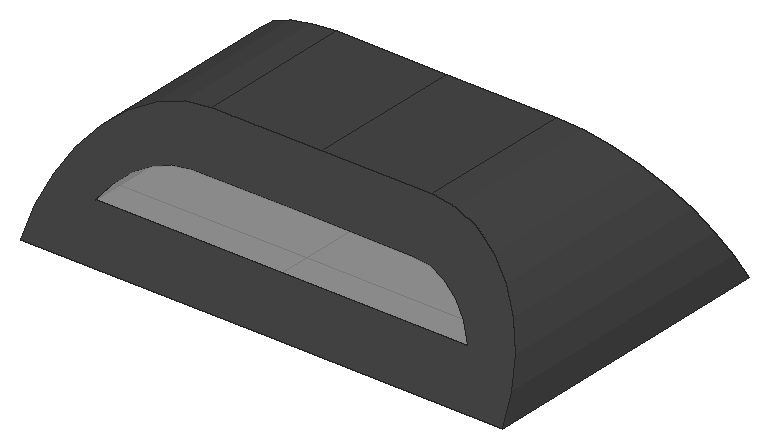
Revit family "PG", category Lighting Fixtures, host Face, Revit 2021
Family settings
  Host = Face
  Round Connector Dimension = Use Diameter
  Part Type = Normal
  OmniClass Number = 23.80.70.11
  OmniClass Title = Luminaries for Internal Lighting
  Cut with Voids When Loaded = No
  Light Source = Yes
  Shared = Yes
  Room Calculation Point = No
Parameters (values of type "PG-B")
  Wattage = 9.2903 W
  built-in parameter 1150110 = 1 (stored number, unit not read)
  Voltage = 120 V
  URL = "https://www.currentlighting.com/dual-lite"
  built-in parameter 1114217 = 1 (stored number, unit not read)
  Total Input Wattage = "2-16 W"
  Tilt Angle = 60.00°
  built-in parameter 1150109 = 1 (stored number, unit not read)
  built-in parameter 1150134 = 3
  built-in parameter 1150113 = 1 (stored number, unit not read)
  Product Page URL = ""
  Product Documentation Link = ""
  Photometric Web File = "generic"
  built-in parameter 1150142 = (empty or 0)
  Model = "PG"  # constant formula
  Manufacturer = "Dual Lighting"  # constant formula
  built-in parameter 1150105 = 109.82 (stored number, unit not read)
  Lumens = 1380 lm
  built-in parameter 1150115 = 1 (stored number, unit not read)
  built-in parameter 1150137 = (empty or 0)
  built-in parameter 1150139 = (empty or 0)
  Lens = White Glass
  built-in parameter 1150112 = 1 (stored number, unit not read)
  built-in parameter 1150114 = 1 (stored number, unit not read)
  built-in parameter 1150132 = (empty or 0)
  built-in parameter 1150102 = (empty or 0)
  built-in parameter 1150107 = 3200 (stored number, unit not read)
  built-in parameter 1150138 = (empty or 0)
  built-in parameter 1150106 = 1.0982 (stored number, unit not read)
  Finish = Black
  Emit from Line Length = 24.000"
  built-in parameter 1150104 = 13.8 (stored number, unit not read)
  Dimming Lamp Color Temperature Shift = <None>
  Description = "Wet location listed emergency lighting unit for indoor/outdoor installation featuring long-life, high-output LEDs."  # constant formula
  Default Elevation = 48.000"
  Color Filter = 16777215
  built-in parameter 1114218 = 1 (stored number, unit not read)
  built-in parameter 1150133 = 10 (stored number, unit not read)
  Apparent Load = 0 VA
Types (4): name | Tilt Angle | Photometric Web File | built-in parameter 1150142 | Finish
  PG-W | 60.00° | "generic" | (empty or 0) | White
  PG-Z | 60.00° | "generic" | (empty or 0) | Bronze
  PG-P | 0.00° | "pg_series.ies" | "IESNA:LM-63-2002\r\n[TEST]ITL59545- Absolute to LM-79-08 standards\r\n[TESTLAB]INDEPENDENT TESTING LABORATORIES, INC.\r\n[ISSUEDATE]12/03/07\r\n[MANUFAC]DUAL-LITE\r\n[LUMCAT]PG Series\r\n[LUMINAIRE]OUTDOOR EMERGENCY LIGHT\r\n[LAMP](4)LED STRIP @ 360+ LUMEN - CREE\r\nTILT=NONE\r\n1 -1 1.2 73 9 1  1 0.333333 0.062500 0.036458\r\n1.000 1 12.2\r\n0 2.5 5 7.5 10 12.5 15 17.5 20 22.5 25 27.5 30 32.5 35 37.5 40 42.5 45 47.5 50 \r\n 52.5 55 57.5 60 62.5 65 67.5 70 72.5 75 77.5 80 82.5 85 87.5 90 92.5 95 97.5 \r\n 100 102.5 105 107.5 110 112.5 115 117.5 120 122.5 125 127.5 130 132.5 135 \r\n 137.5 140 142.5 145 147.5 150 152.5 155 157.5 160 162.5 165 167.5 170 172.5 \r\n 175 177.5 180 \r\n0 22.5 45 67.5 90 112.5 135 157.5 180 \r\n109 128 148 167 183 197 210 222 232 242 249 253 253 249 242 233 222 211 200 \r\n 187 173 156 136 116 95 76 60 47 36 29 22 17 14 11 9 8 6 5 4 4 3 2 2 1 1 0 0 0 \r\n 0 0 0 0 0 0 0 0 0 0 0 0 0 0 0 0 0 0 0 0 0 0 0 0 0 \r\n109 126 145 163 178 191 202 213 223 231 237 241 241 238 232 223 214 203 192 \r\n 180 167 153 135 117 97 79 63 50 39 30 24 19 14 11 9 7 6 5 4 3 3 2 2 1 1 0 0 0 \r\n 0 0 0 0 0 0 0 0 0 0 0 0 0 0 0 0 0 0 0 0 0 0 0 0 0 \r\n109 122 137 150 162 172 181 188 194 198 201 202 201 198 193 187 178 169 159 \r\n 148 137 124 111 98 84 71 58 47 38 30 23 18 14 11 9 7 5 4 3 3 2 1 1 0 0 0 0 0 \r\n 0 0 0 0 0 0 0 0 0 0 0 0 0 0 0 0 0 0 0 0 0 0 0 0 0 \r\n109 116 124 131 137 142 146 149 150 151 150 147 143 137 131 124 116 107 98 89 \r\n 80 72 63 55 48 41 34 28 23 19 16 13 10 8 6 5 4 2 1 1 0 0 0 0 0 0 0 0 0 0 0 0 \r\n 0 0 0 0 0 0 0 0 0 0 0 0 0 0 0 0 0 0 0 0 0 \r\n109 109 109 108 106 104 102 99 95 90 86 81 75 69 63 57 51 46 40 36 31 27 23 20 \r\n 17 15 12 11 9 7 6 5 4 3 1 0 0 0 0 0 0 0 0 0 0 0 0 0 0 0 0 0 0 0 0 0 0 0 0 0 0 \r\n 0 0 0 0 0 0 0 0 0 0 0 0 \r\n109 102 94 86 78 70 63 56 50 44 39 34 30 26 22 19 16 14 12 10 8 7 6 5 4 3 2 2 \r\n 1 0 0 0 0 0 0 0 0 0 0 0 0 0 0 0 0 0 0 0 0 0 0 0 0 0 0 0 0 0 0 0 0 0 0 0 0 0 0 \r\n 0 0 0 0 0 0 \r\n109 96 82 69 58 49 41 34 28 23 19 15 13 10 8 7 6 5 4 3 2 2 1 1 0 0 0 0 0 0 0 0 \r\n 0 0 0 0 0 0 0 0 0 0 0 0 0 0 0 0 0 0 0 0 0 0 0 0 0 0 0 0 0 0 0 0 0 0 0 0 0 0 0 \r\n 0 0 \r\n109 92 75 60 48 38 31 24 19 15 12 9 8 6 5 4 3 3 2 1 1 0 0 0 0 0 0 0 0 0 0 0 0 \r\n 0 0 0 0 0 0 0 0 0 0 0 0 0 0 0 0 0 0 0 0 0 0 0 0 0 0 0 0 0 0 0 0 0 0 0 0 0 0 0 \r\n 0 \r\n109 90 72 57 45 35 28 21 16 13 10 8 6 5 4 3 3 2 1 1 0 0 0 0 0 0 0 0 0 0 0 0 0 \r\n 0 0 0 0 0 0 0 0 0 0 0 0 0 0 0 0 0 0 0 0 0 0 0 0 0 0 0 0 0 0 0 0 0 0 0 0 0 0 0 \r\n 0 \r\n\r\n\r\n\r\n" | Platinum Silver
  PG-B | 60.00° | "generic" | (empty or 0) | Black
Reference planes (in)
  plane 1 "Center (Front/Back)": y = 0
  plane 2: z = 0
  plane 3 "Center (Left/Right)": x = 0
  plane 4: z = 2.98637
  plane 5: y = 3.5
  plane 6: y = -3.5
  plane 7: x = -5.5
  plane 8: x = 5.5
  plane 9: y = -2.25
  plane 10: z = 1.49318
Forms (in)
  Extrusion 1, solid, material "Black" <- "Finish"
    sketch origin (0, 0, 0) x (1, 0, 0) y (0, 0, 1)
      loop
        line (-5.5, 0) -> (0, 0) -> (5.5, 0)
        arc (5.5, 0) -> (4.62531, 2.11168) -> (2.51363, 2.98637) r 2.98637
        line (2.51363, 2.98637) -> (0, 2.98637) -> (-2.51363, 2.98637)
        arc (-2.51363, 2.98637) -> (-4.62531, 2.11168) -> (-5.5, 0) r 2.98637
    from -3.5 to 3.5
  Extrusion 2, void
    sketch origin (0, 0, 0) x (1, 0, 0) y (0, 0, 1)
      loop
        arc (-2.52081, 1.98637) -> (-3.50958, 1.72217) -> (-4.23478, 1) r 1.98233
        line (-4.23478, 1) -> (0, 1) -> (4.23478, 1)
        arc (4.23478, 1) -> (3.50958, 1.72217) -> (2.52081, 1.98637) r 1.98233
        line (2.52081, 1.98637) -> (0, 1.98637) -> (-2.52081, 1.98637)
    from 0 to 3.5
  Extrusion 3, void
    sketch origin (0, 0, 0) x (0, -1, 0) y (0, 0, 1)
      loop
        line (-3.5, 0) -> (-1.77582, 2.98637) -> (-3.5, 2.98637) -> (-3.5, 0)
      loop
        line (3.5, 0) -> (3.5, 2.98637) -> (1.77582, 2.98637) -> (3.5, 0)
    from -5.5 to 5.5
  Extrusion 4, solid, material "White Glass" <- "Lens"
    sketch origin (0, -3.5, 25.58567) x (0, 0, 1) y (1, 0, 0)
      loop
        line (-23.59931, -2.52081) -> (-23.59931, 0) -> (-23.59931, 2.52081)
        arc (-23.59931, 2.52081) -> (-23.8635, 3.50958) -> (-24.58567, 4.23478) r 1.98233
        line (-24.58567, 4.23478) -> (-24.58567, 0) -> (-24.58567, -4.23478)
        arc (-24.58567, -4.23478) -> (-23.8635, -3.50958) -> (-23.59931, -2.52081) r 1.98233
    from 0 to 1.25
Cuts and joins
  Extrusion 2, Extrusion 3 cuts Extrusion 1
  Extrusion 3 cuts Extrusion 4
Dimensions and locks (in)
  equal spacing: plane 5, plane 1 "Center (Front/Back)", plane 6
  locked: plane 5 to plane 6 at 7
  plane 4 to plane 2 = 2.98637"  (x2)
  equal spacing: plane 8, plane 3 "Center (Left/Right)", plane 7
  plane 8 to plane 7 = 11.000"
  plane 8 to plane 3 "Center (Left/Right)" = 5.500"
  equal spacing: Extrusion 1 sketch curve, plane 3 "Center (Left/Right)", Extrusion 1 sketch curve
  locked: plane 4 to Extrusion 2 sketch curve at 1
  Extrusion 2 sketch curve to plane 2 = 1.000"
  equal spacing: Extrusion 2 sketch curve, plane 3 "Center (Left/Right)", Extrusion 2 sketch curve, locked at 4.23478 each
  locked: plane 8 to Extrusion 2 sketch curve at 1.26522
  locked: plane 9 to plane 6 at 1.25
  locked: Extrusion 3 sketch curve to cut or joined group of Extrusion 1, Extrusion 2, Extrusion 3 (angle 30.00°)
  locked: cut or joined group of Extrusion 1, Extrusion 2, Extrusion 3 to Extrusion 3 sketch curve (angle 30.00°)
  aligned and locked: plane 2 to host face
  aligned and locked: level to host face
  aligned and locked: Extrusion 1 sketch curve to plane 2
  aligned and locked: plane 2 to Extrusion 1 sketch curve
  aligned and locked: plane 4 to Extrusion 1 sketch curve
  aligned and locked: Extrusion 1 sketch curve to plane 4
  aligned and locked: plane 7 to Extrusion 1 sketch curve
  aligned and locked: plane 8 to Extrusion 1 sketch curve
  aligned and locked: Extrusion 1 to plane 5
  aligned and locked: Extrusion 1 to plane 6
  aligned and locked: Extrusion 2 to plane 6
  aligned and locked: plane 4 to Extrusion 3 sketch curve
  aligned and locked: plane 2 to Extrusion 3 sketch curve
  aligned and locked: Extrusion 3 sketch curve to plane 5
  aligned and locked: plane 8 to Extrusion 3
  aligned and locked: Extrusion 3 to plane 7
  aligned and locked: Extrusion 4 sketch curve to cut or joined group of Extrusion 1, Extrusion 2, Extrusion 3  (x5)
  aligned and locked: Extrusion 4 to plane 6
  aligned and locked: plane 10 to imposter light
  aligned and locked: plane 9 to Extrusion 4
Automatic sketch dimensions
  host sketch curve to host sketch curve = 96.000"  (x2)
  Extrusion 1 sketch curve to plane 3 "Center (Left/Right)" = 0.000"  (x2)
  Extrusion 2 sketch curve to plane 3 "Center (Left/Right)" = 0.000"  (x2)
  Extrusion 2 sketch curve to Extrusion 2 sketch curve = 1.71397"
  level to Extrusion 2 sketch curve = 0.00404"
  Extrusion 3 sketch curve to plane 4 = 0.000"
  Extrusion 3 sketch curve to level = 0.000"
  Extrusion 3 sketch curve to plane 6 = 0.000"
  Extrusion 4 sketch curve to plane 3 "Center (Left/Right)" = 0.000"  (x2)
Connectors (in)
  electrical at (2.75, 0, 0), driven by "Voltage", driven by "Description"
    settings: on cut or joined group of Extrusion 1, Extrusion 2, Extrusion 3, index 1, voltage 120 V, apparent load 0 VA, apparent load phase1 0 VA, apparent load phase2 0 VA, apparent load phase3 0 VA, power factor 1, load classification "Other", number of poles 1, system type 30, power factor state 1, is connector primary yes, connector utility no, sub classification motor no, connector description "Wet location listed emergency lighting unit for indoor/outdoor installation featuring long-life, high-output LEDs."
